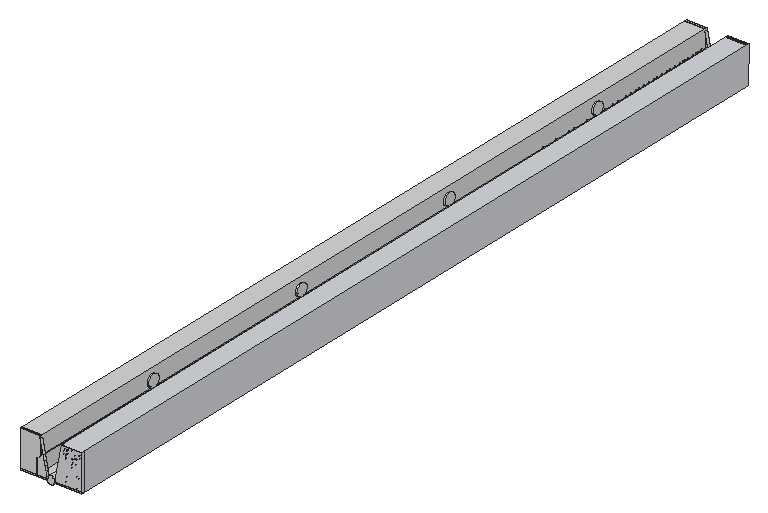
Revit family "ORMA_ORMA HINGED OUTSIDE CORNER 2,7_1900110", category Generic Models, Revit 2018
Family settings
  Can host rebar = No
  Round Connector Dimension = Use Diameter
  Part Type = Normal
  OmniClass Number = 35.51.14.00
  OmniClass Title = FORMWORK
  Work Plane-Based = Yes
  Always vertical = No
  Cut with Voids When Loaded = No
  Shared = Yes
  Room Calculation Point = No
Parameters
  VERSION = "20190101"  # constant formula
  URL = "www.ulmaconstruction.com/en"
  UNICLASS = ""
  REAL ANGLE [instance] = if(ANGLE < 65.00°, 65.00°, if(ANGLE < 180.00°, ANGLE, 180.00°))  # 180.00°
  ITEM_CODE = "1900110"
  Manufacturer = "ULMA CONSTRUCTION"  # constant formula
  INSERTION PLANE [instance] = if(REAL ANGLE = 180.00°, 0.000 mm, (4.000 mm) / cos(90.00° - REAL ANGLE) + 4.000 mm * tan(90.00° - REAL ANGLE))  # 0.000 mm
  FILTER [instance] = ""
  Default Elevation = 0.000 mm
  CLASSIFICATION_TITLE = ""
  CLASSIFICATION_NUMBER = ""
  ANGLE [instance] = 180.00°
Reference planes
  plane 1 "Centro (Frontal/Posterior)": y = 0
  plane 2: z = 0
  plane 3 "Centro (Izquierda/Derecha)": x = 0
  plane 4 "ITEM_HEIGHT": y = 2700
  plane 5 "CENTER": z = 4
  plane 6 "INSERTION PLANE": x = 0
  plane 7 "LATERAL HOLE 1": y = 450
  plane 8 "LATERAL HOLE 2": y = 1050
  plane 9 "LATERAL HOLE 3": y = 1650
  plane 10 "LATERAL HOLE 4": y = 2250
Forms (mm)
  Extrusion 1, solid, material "ULMA ZINC"
    sketch origin (0, 0, 0) x (1, 0, 0) y (0, 0, 1)
      loop
        line (-100, 0) -> (-12.6, 0) -> (-16.6, 4) -> (-47.5, 4) -> (-47.5, 52.039)
        arc (-47.5, 52.039) -> (-47.085, 53.419) -> (-45.977, 54.341) r 2.5
        line (-45.977, 54.341) -> (-38.656, 57.448)
        arc (-38.656, 57.448) -> (-35.997, 59.66) -> (-35, 62.971) r 6
        line (-35, 62.971) -> (-35, 120) -> (-100, 120) -> (-100, 0)
    from -2700 to 0
  Extrusion 2, solid, material "ULMA ZINC"
    sketch origin (0, 0, 0) x (1, 0, 0) y (0, 0, 1)
      loop
        circle (0, 4) r 12.5
    from -2700 to 0
  Extrusion 3, solid, material "ULMA ZINC", detail levels fine
    sketch origin (0, 0, 0) x (1, 0, 0) y (0, 0, 1)
      loop
        line (-12, 4) -> (-35.795, 120) -> (-100, 120) -> (-100, 4) -> (-12, 4)
    from 0 to -6
  Extrusion 4, solid, material "ULMA ZINC", detail levels fine
    sketch origin (0, 2700, 0) x (-1, 0, 0) y (0, 0, 1)
      loop
        line (12, 4) -> (100, 4) -> (100, 120) -> (35.795, 120) -> (12, 4)
    from 0 to -6
  Extrusion 5, solid, material "ULMA ZINC", detail levels fine
    sketch origin (-35, 0, 62.971) x (0, 0, 1) y (0, -1, 0)
      loop
        circle (23.029, -450) r 19
    from 0 to 8
  Extrusion 6, solid, material "ULMA ZINC", detail levels fine
    sketch origin (-35, 600, 62.971) x (0, 0, 1) y (0, -1, 0)
      loop
        circle (23.029, -450) r 19
    from 0 to 8
  Extrusion 7, solid, material "ULMA ZINC", detail levels fine
    sketch origin (-35, 1200, 62.971) x (0, 0, 1) y (0, -1, 0)
      loop
        circle (23.029, -450) r 19
    from 0 to 8
  Extrusion 8, solid, material "ULMA ZINC", detail levels fine
    sketch origin (-35, 1800, 62.971) x (0, 0, 1) y (0, -1, 0)
      loop
        circle (23.029, -450) r 19
    from 0 to 8
Lines and regions (mm)
  reference lines
    curve 1: line (0, 0, 4) -> (209.588, 0, 4)
  model lines, style "ULMA PANELS", detail levels fine
    curve 2: circle (-27, 450, 86) r 11 normal (1, 0, 0)
    curve 3: circle (-100, 450, 86) r 11 normal (1, 0, 0)
    curve 4: circle (-27, 1050, 86) r 11 normal (1, 0, 0)
    curve 5: circle (-100, 1050, 86) r 11 normal (1, 0, 0)
    curve 6: circle (-27, 1650, 86) r 11 normal (1, 0, 0)
    curve 7: circle (-100, 1650, 86) r 11 normal (1, 0, 0)
    curve 8: circle (-27, 2250, 86) r 11 normal (1, 0, 0)
    curve 9: circle (-100, 2250, 86) r 11 normal (1, 0, 0)
Dimensions and locks
  locked: plane 1 "Centro (Frontal/Posterior)" to plane 4 "ITEM_HEIGHT" at 2700
  locked: plane 5 "CENTER" to plane 2 at 4
  "INSERTION PLANE": plane 3 "Centro (Izquierda/Derecha)" to plane 6 "INSERTION PLANE"
  "REAL ANGLE": angle plane 5 "CENTER" to curve 1
  aligned and locked: level to plane 2
  aligned and locked: plane 4 "ITEM_HEIGHT" to Extrusion 2
  aligned and locked: plane 3 "Centro (Izquierda/Derecha)" to curve 1
  aligned and locked: plane 5 "CENTER" to curve 1
  aligned and locked: plane 4 "ITEM_HEIGHT" to Extrusion 1
Automatic sketch dimensions
  Extrusion 2 sketch curve to plane 3 "Centro (Izquierda/Derecha)" = 0.000 mm
  level to Extrusion 2 sketch curve = 4.000 mm
  Extrusion 1 sketch curve to plane 3 "Centro (Izquierda/Derecha)" = 45.977 mm
  Extrusion 1 sketch curve to Extrusion 1 sketch curve = 0.977 mm
  plane 5 "CENTER" to Extrusion 1 sketch curve = 48.039 mm
  Extrusion 1 sketch curve to Extrusion 1 sketch curve = 2.301 mm
  Extrusion 1 sketch curve to Extrusion 1 sketch curve = 7.321 mm
  Extrusion 1 sketch curve to Extrusion 1 sketch curve = 3.108 mm
  Extrusion 1 sketch curve to Extrusion 1 sketch curve = 2.344 mm
  Extrusion 1 sketch curve to Extrusion 1 sketch curve = 5.523 mm
  Extrusion 1 sketch curve to Extrusion 1 sketch curve = 57.029 mm
  Extrusion 3 sketch curve to plane 5 "CENTER" = 0.000 mm
  Extrusion 3 sketch curve to plane 3 "Centro (Izquierda/Derecha)" = 35.795 mm
  plane 5 "CENTER" to Extrusion 3 sketch curve = 116.000 mm
  Extrusion 3 sketch curve to Extrusion 3 sketch curve = 64.205 mm
  Extrusion 3 sketch curve to plane 3 "Centro (Izquierda/Derecha)" = 12.000 mm
  Extrusion 4 sketch curve to plane 5 "CENTER" = 0.000 mm
  Extrusion 4 sketch curve to plane 3 "Centro (Izquierda/Derecha)" = 12.000 mm
  Extrusion 4 sketch curve to plane 3 "Centro (Izquierda/Derecha)" = 35.795 mm
  Extrusion 4 sketch curve to Extrusion 4 sketch curve = 64.205 mm
  plane 5 "CENTER" to Extrusion 4 sketch curve = 116.000 mm
  Extrusion 1 sketch curve to level = 0.000 mm
  Extrusion 1 sketch curve to plane 3 "Centro (Izquierda/Derecha)" = 12.600 mm
  Extrusion 1 sketch curve to Extrusion 1 sketch curve = 4.000 mm
  Extrusion 1 sketch curve to Extrusion 1 sketch curve = 52.500 mm
  Extrusion 1 sketch curve to plane 5 "CENTER" = 0.000 mm
  Extrusion 8 sketch curve to plane 10 "LATERAL HOLE 4" = 0.000 mm
  plane 5 "CENTER" to Extrusion 8 sketch curve = 82.000 mm
  curve 9 to plane 10 "LATERAL HOLE 4" = 0.000 mm
  plane 5 "CENTER" to curve 9 = 82.000 mm
  Extrusion 7 sketch curve to plane 9 "LATERAL HOLE 3" = 0.000 mm
  plane 5 "CENTER" to Extrusion 7 sketch curve = 82.000 mm
  curve 7 to plane 9 "LATERAL HOLE 3" = 0.000 mm
  plane 5 "CENTER" to curve 7 = 82.000 mm
  Extrusion 6 sketch curve to plane 8 "LATERAL HOLE 2" = 0.000 mm
  plane 5 "CENTER" to Extrusion 6 sketch curve = 82.000 mm
  curve 5 to plane 8 "LATERAL HOLE 2" = 0.000 mm
  plane 5 "CENTER" to curve 5 = 82.000 mm
  Extrusion 5 sketch curve to plane 7 "LATERAL HOLE 1" = 0.000 mm
  plane 5 "CENTER" to Extrusion 5 sketch curve = 82.000 mm
  curve 3 to plane 7 "LATERAL HOLE 1" = 0.000 mm
  plane 5 "CENTER" to curve 3 = 82.000 mm
  radius of Extrusion 2 sketch curve = 12.500 mm
  radius of Extrusion 5 sketch curve = 19.000 mm
  radius of curve 2 to Extrusion 5 = 8.000 mm  (x2)
  radius of curve 3 = 11.000 mm  (x2)
  radius of Extrusion 6 sketch curve = 19.000 mm
  radius of curve 4 to Extrusion 6 = 8.000 mm  (x2)
  radius of curve 5 = 11.000 mm  (x2)
  radius of Extrusion 7 sketch curve = 19.000 mm
  radius of curve 6 to Extrusion 7 = 8.000 mm  (x2)
  radius of curve 7 = 11.000 mm  (x2)
  radius of Extrusion 8 sketch curve = 19.000 mm
  radius of curve 8 to Extrusion 8 = 8.000 mm  (x2)
  radius of curve 9 = 11.000 mm  (x2)
Nested families
  nested 1: "LATERAL ESCUADRA EXT G - 1908359_PANELS" at (0, 0, 0) x (-1, 0, 0) z (0, 0, 1), type "LATERAL ESCUADRA EXT G - 1908359_PANELS"
    with FILTER ""
Definition of nested family "LATERAL ESCUADRA EXT G - 1908359_PANELS"
  Parameters (values of type "LATERAL ESCUADRA EXT G - 1908359_PANELS")
    VERSION = "20190101"  # constant formula
    URL = "www.ulmaconstruction.com/en"
    UNICLASS = ""
    Manufacturer = "ULMA CONSTRUCTION"  # constant formula
    FILTER [instance] = ""
    Default Elevation = 0.000 mm
    CLASSIFICATION_TITLE = ""
    CLASSIFICATION_NUMBER = ""
  Reference planes
    plane 1 "Centro (Frontal/Posterior)": y = 0
    plane 2: z = 0
    plane 3 "Centro (Izquierda/Derecha)": x = 0
    plane 4 "ITEM_HEIGHT": y = 2700
    plane 5 "CENTER": z = 4
    plane 6 "LATERAL HOLE 1": y = 450
    plane 7 "LATERAL HOLE 2": y = 1050
    plane 8 "LATERAL HOLE 3": y = 1650
    plane 9 "LATERAL HOLE 4": y = 2250
  Forms (mm)
    Extrusion 1, solid
      sketch origin (0, 0, 0) x (1, 0, 0) y (0, 0, 1)
        loop
          line (-100, 0) -> (-12.6, 0) -> (-16.6, 4) -> (-47.5, 4) -> (-47.5, 52.039)
          arc (-47.5, 52.039) -> (-47.085, 53.419) -> (-45.977, 54.341) r 2.5
          line (-45.977, 54.341) -> (-38.656, 57.448)
          arc (-38.656, 57.448) -> (-35.997, 59.66) -> (-35, 62.971) r 6
          line (-35, 62.971) -> (-35, 120) -> (-100, 120) -> (-100, 0)
      from -2700 to 0
    Extrusion 2, solid, detail levels fine
      sketch origin (0, 0, 0) x (1, 0, 0) y (0, 0, 1)
        loop
          line (-12, 4) -> (-35.795, 120) -> (-100, 120) -> (-100, 4) -> (-12, 4)
      from 0 to -6
    Extrusion 3, solid, detail levels fine
      sketch origin (0, 2700, 0) x (-1, 0, 0) y (0, 0, 1)
        loop
          line (12, 4) -> (100, 4) -> (100, 120) -> (35.795, 120) -> (12, 4)
      from 0 to -6
    Extrusion 4, solid, detail levels fine
      sketch origin (-35, 0, 62.971) x (0, 0, 1) y (0, -1, 0)
        loop
          circle (23.029, -450) r 19
      from 0 to 8
    Extrusion 5, solid, detail levels fine
      sketch origin (-35, 600, 62.971) x (0, 0, 1) y (0, -1, 0)
        loop
          circle (23.029, -450) r 19
      from 0 to 8
    Extrusion 6, solid, detail levels fine
      sketch origin (-35, 1200, 62.971) x (0, 0, 1) y (0, -1, 0)
        loop
          circle (23.029, -450) r 19
      from 0 to 8
    Extrusion 7, solid, detail levels fine
      sketch origin (-35, 1800, 62.971) x (0, 0, 1) y (0, -1, 0)
        loop
          circle (23.029, -450) r 19
      from 0 to 8
  Lines and regions (mm)
    model lines, detail levels fine
      curve 1: circle (-27, 450, 86) r 11 normal (1, 0, 0)
      curve 2: circle (-100, 450, 86) r 11 normal (1, 0, 0)
      curve 3: circle (-27, 1050, 86) r 11 normal (1, 0, 0)
      curve 4: circle (-100, 1050, 86) r 11 normal (1, 0, 0)
      curve 5: circle (-27, 1650, 86) r 11 normal (1, 0, 0)
      curve 6: circle (-100, 1650, 86) r 11 normal (1, 0, 0)
      curve 7: circle (-27, 2250, 86) r 11 normal (1, 0, 0)
      curve 8: circle (-100, 2250, 86) r 11 normal (1, 0, 0)
  Dimensions and locks
    locked: plane 1 "Centro (Frontal/Posterior)" to plane 4 "ITEM_HEIGHT" at 2700
    locked: plane 5 "CENTER" to plane 2 at 4
    aligned and locked: level to plane 2
    aligned and locked: plane 4 "ITEM_HEIGHT" to Extrusion 1
